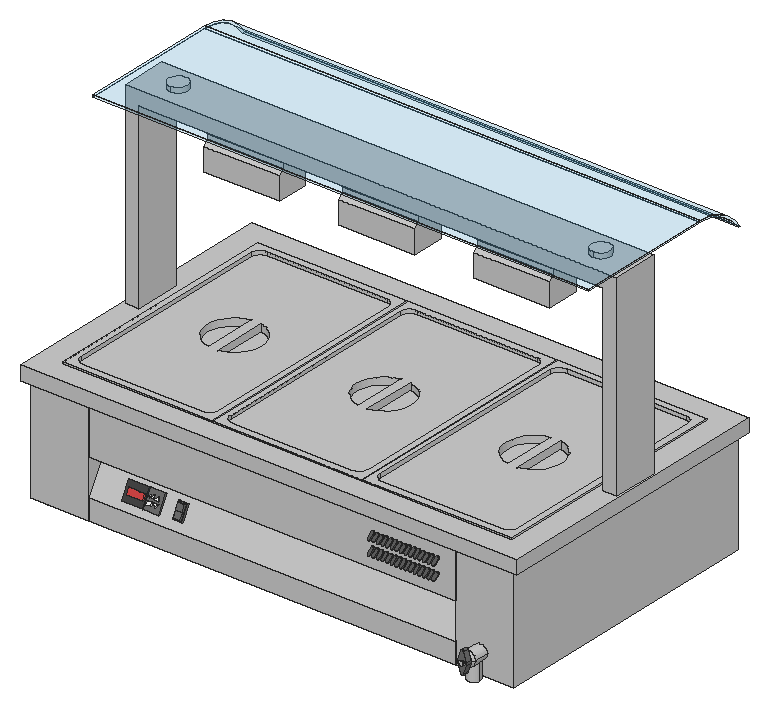
Revit family "QF_INOMAK_MEV610_250604030100", category Specialty Equipment, Revit 2021
Family settings
  Round Connector Dimension = Use Diameter
  Part Type = Normal
  OmniClass Number = 23.40.40.14
  OmniClass Title = Food Service Equipment
  Work Plane-Based = No
  Always vertical = Yes
  Cut with Voids When Loaded = No
  Shared = No
  Room Calculation Point = No
Parameters (values of type "MEV610")
  Weight [instance] = 38.00 kg
  Waste Water Discharge Temperature [instance] = 0 °C
  Waste Remarks [instance] = ""
  Warranty Start Date [instance] = ""
  Warranty Duration [instance] = ""
  Volts [instance] = 230 V
  Volt Free Conn [instance] = no
  URL Recommended Spares List [instance] = ""
  URL Manufacturer [instance] = ""
  URL Cutsheet [instance] = ""
  URL Critical Spares List [instance] = ""
  URL = "www.inomak.com"
  Technical Documentation [instance] = ""
  Tag Number [instance] = ""
  Status [instance] = ""
  Start Up Current [instance] = 0 A
  Specification by User [instance] = ""
  Specification by Manufacturer [instance] = ""
  Sound Level [instance] = ""
  Show Logo [instance] = yes
  Show Clearances [instance] = yes
  Service Life Duration [instance] = ""
  Serial Number [instance] = ""
  Seismic Rating [instance] = ""
  SMACNA No [instance] = ""
  Revision Code [instance] = ""
  Revision [instance] = ""
  Production Year [instance] = ""
  Potential Equalisation [instance] = no
  Point Load [instance] = 0
  Plumbing Connection Type [instance] = ""
  Phase [instance] = 1
  Other Equipment Approvals [instance] = ""
  Operational Current [instance] = 0 A
  Number of Poles [instance] = 2
  No Load Power Draw [instance] = no
  NAFEM Spec ID Number [instance] = ""
  Model Warning [instance] = ""
  Model = "MEV610"
  Min Ckt Ampacity [instance] = 0 A
  Max Overcurrent Protection [instance] = 16 A
  Masterspec [instance] = ""
  Manufacturer = "INOMAK"
  Main switch integrated [instance] = no
  Length Actual [instance] = 1078 mm
  Item Number [instance] = ""
  Installed By [instance] = ""
  Installation Date [instance] = ""
  Indirect Waste Size [instance] = 25.4 mm
  Indirect Waste Remarks [instance] = ""
  Indirect Waste Flow [instance] = 0.0 L/s
  Indirect Waste Connection Type [instance] = ""
  Indirect Waste Connection Height [instance] = 0 mm
  Identify Quantity as Lot [instance] = no
  ID [instance] = ""
  Hygiene Approval [instance] = ""
  Height Actual [instance] = 708 mm
  HP power [instance] = ""
  Furnished By [instance] = ""
  Foodservice Equipment Identifier [instance] = no
  FL Amps [instance] = 10.4 A
  Electrical Remarks [instance] = ""
  Electric power [instance] = 2390 W
  Electric Connection Type [instance] = ""
  Elec Conn RI Height [instance] = 0 mm
  Elec Conn Connection Height [instance] = 0 mm
  ETL Approved [instance] = no
  Direct Waste Water Discharge Temperature [instance] = -273.15 °C
  Direct Waste Size [instance] = 25.4 mm
  Direct Waste RI Height [instance] = 0 mm
  Direct Waste Flow [instance] = 0.0 L/s
  Direct Waste Connection Height [instance] = 0 mm
  Description = "PORTABLE BAIN MARIE WITH 3 GN PANS CAPACITY AND SINGLE SNEEZE GUARD"
  Depth Actual [instance] = 629 mm
  Default Elevation = 0 mm
  Cycle [instance] = 50 Hz
  Cost = 0
  Connection to energy optimisation system [instance] = yes
  Conn Plug [instance] = ""
  Conn Conduit [instance] = no
  Centralized building control system with digital interface [instance] = ""
  CSI MasterFormat [instance] = ""
  CE Approved [instance] = no
  Barcode [instance] = 0
  Author [instance] = ""
  Asset Identifier [instance] = ""
  Apparent Power [instance] = 2390 VA
  Accessory [instance] = no
Reference planes
  plane 1 "Center (Front/Back)": y = 0
  plane 2: z = 0
  plane 3 "Center (Left/Right)": x = 0
Forms (mm)
  Extrusion 1, solid, not visible
    sketch origin (995.049, -600.029, 12.001) x (1, 0, 0) y (0, 1, 0)
      loop
        line (-2, 2) -> (-2, -2) -> (2, -2) -> (2, 2) -> (-2, 2)
    from -2 to 2
  Extrusion 2, solid, not visible
    sketch origin (80.004, -600.029, 12.001) x (1, 0, 0) y (0, 1, 0)
      loop
        line (-2, 2) -> (-2, -2) -> (2, -2) -> (2, 2) -> (-2, 2)
    from -2 to 2
Dimensions and locks
  locked: nested 2 to Extrusion 1 at 2  (x2)
  locked: nested 3 to Extrusion 2 at 2  (x2)
  aligned and locked: level to plane 2
Nested families
  nested 1: "QF_INOMAK_PORTABLE_BAIN_MARIES_1080_2920" at (0, 0, 0), type "MEV610"
    with Weight 38.00 kg, Warranty Start Date "", Warranty Duration "", URL Cutsheet "", Technical Documentation "", Tag Number "", Status "", Specification by User "", Specification by Manufacturer "", Sound Level "", Solid Fuel Type "", Show Logo yes, Show Clearances yes, Service Life Duration "", Serial Number "", Seismic Rating "", SMACNA No "", Revision Code "", Revision "", Production Year "", Point Load 0, Other Equipment Approvals "", NAFEM Spec ID Number "", Model Warning "", Masterspec "", Length Actual 1078 mm, Item Number "", Installed By "", Installation Date "", Identify Quantity as Lot yes, ID "", Hygiene Approval "", Height Actual 708 mm, Furnished By "", Foodservice Equipment Identifier yes, ETL Approved yes, Depth Actual 629 mm, CSI MasterFormat "", CE Approved yes, Barcode "", Author "", Asset Identifier "", Accessory no
  nested 2: "CONN_POINT_DRAIN_2D___Generic_Annotation" at (995.049, -600.029, 10), type "CONN_POINT_DRAIN_2D___Generic_Annotation"
    with Onboard connection annotation symbol visibility yes
  nested 3: "CONN_POINT_ELE_2D___Generic_Annotation" at (80.004, -600.029, 10), type "CONN_POINT_ELE_2D___Generic_Annotation"
    with Onboard connection annotation symbol visibility yes
  nested 4: "QF_INOMAK_HEAT_WORKTOPS_HTSS_1080_4720" at (0, 0, 268), type "HTSS-1080-630"
    with Weight 0.00 kg, Warranty Start Date "", Warranty Duration "", URL Cutsheet "", Technical Documentation "", Tag Number "", Status "", Specification by User "", Specification by Manufacturer "", Sound Level "", Solid Fuel Type "", Show Logo yes, Show Clearances yes, Service Life Duration "", Serial Number "", Seismic Rating "", SMACNA No "", Revision Code "", Revision "", Production Year "", Point Load 0, Other Equipment Approvals "", NAFEM Spec ID Number "", Model Warning "", Masterspec "", Length Actual 1078 mm, Item Number "", Installed By "", Installation Date "", Identify Quantity as Lot yes, ID "", Hygiene Approval "", Height Actual 440 mm, Furnished By "", Foodservice Equipment Identifier yes, ETL Approved yes, Depth Actual 629 mm, CSI MasterFormat "", CE Approved yes, Barcode "", Author "", Asset Identifier "", Accessory yes
Connectors
  piping at (995.049, -600.029, 10), diameter 25.4, driven by "Indirect Waste Size", driven by "Direct Waste Flow"
    settings: on Extrusion 1, index 1, connector inside diameter 609.6 mm, connector length 0 mm, flow factor 0, pipe flow 0.0 L/s, pressure drop 0.0 Pa, fitting loss kfactor 0, connector angle 0.00°, fixture units 0, engagement length 0 mm, angle of deflection 0.00°, flow configuration 1, flow direction 2, fitting loss method 0, system type 16, joint type 0, gender type 0, connector reference index -1, connector utility 0, adjustable connector no, is connector primary yes, connector description "Waste connection for MEV610"
  electrical at (80.004, -600.029, 10), driven by "Apparent Power", driven by "Number of Poles", driven by "Volts"
    settings: on Extrusion 2, index 2, voltage 230 V, apparent load 0 VA, apparent load phase1 2390 VA, apparent load phase2 0 VA, apparent load phase3 0 VA, power factor 1, load classification "Other", number of poles 2, system type 31, power factor state 1, is connector primary yes, connector utility no, sub classification motor no, connector description "Electrical connection for MEV610"
Definition of nested family "QF_INOMAK_PORTABLE_BAIN_MARIES_1080_2920"
  Parameters (values of type "MBSQ610")
    Weight [instance] = 0.00 kg
    Warranty Start Date [instance] = ""
    Warranty Duration [instance] = ""
    URL Cutsheet [instance] = ""
    URL = "www.inomak.com"
    Technical Documentation [instance] = ""
    Tag Number [instance] = ""
    Status [instance] = ""
    Specification by User [instance] = ""
    Specification by Manufacturer [instance] = ""
    Sound Level [instance] = ""
    Solid Fuel Type [instance] = ""
    Show Logo [instance] = yes
    Show Clearances [instance] = yes
    Service Life Duration [instance] = ""
    Serial Number [instance] = ""
    Seismic Rating [instance] = ""
    SMACNA No [instance] = ""
    Revision Code [instance] = ""
    Revision [instance] = ""
    Production Year [instance] = ""
    Point Load [instance] = 0
    Other Equipment Approvals [instance] = ""
    NAFEM Spec ID Number [instance] = ""
    Model Warning [instance] = ""
    Model = "MBSQ610"
    Masterspec [instance] = ""
    Manufacturer = "INOMAK"
    Length Actual [instance] = 0 mm
    Item Number [instance] = ""
    Installed By [instance] = ""
    Installation Date [instance] = ""
    Identify Quantity as Lot [instance] = yes
    ID [instance] = ""
    Hygiene Approval [instance] = ""
    Height Actual [instance] = 0 mm
    Furnished By [instance] = ""
    Foodservice Equipment Identifier [instance] = yes
    ETL Approved [instance] = yes
    Description = "PORTABLE BAIN MARIE WITH 3 GN PANS CAPACITY AND SQUARE SHOWCASE"
    Depth Actual [instance] = 0 mm
    Default Elevation = 0 mm
    CSI MasterFormat [instance] = ""
    CE Approved [instance] = yes
    Barcode [instance] = ""
    Author [instance] = ""
    Asset Identifier [instance] = ""
    Assembly Code = "E1090320"
    Accessory [instance] = yes
  Types (5, lengths in mm): name | Model | Description
    MBV610 | "MBV610" | "PORTABLE BAIN MARIE WITH 3 GN PANS CAPACITY AND SHOWCASE"
    MAV610 | "MAV610" | "PORTABLE BAIN MARIE WITH 3 GN PANS CAPACITY"
    MEV610 | "MEV610" | "PORTABLE BAIN MARIE WITH 3 GN PANS CAPACITY AND SINGLE SNEEZE GUARD"
    MSV610 | "MSV610" | "PORTABLE BAIN MARIE WITH 3 GN PANS CAPACITY AND DOUBLE SNEEZE GUARD"
    MBSQ610 | "MBSQ610" | "PORTABLE BAIN MARIE WITH 3 GN PANS CAPACITY AND SQUARE SHOWCASE"
  Reference planes
    plane 1 "Back": y = 0
    plane 2: z = 0
    plane 3 "Left": x = 0
    plane 4 "Right": x = 1078
    plane 5 "Front": y = -629
    plane 6 "Top": z = 268
  Forms (mm)
    Extrusion 1, solid
      sketch origin (233.428, -636, -16.393) x (-1, 0, 0) y (0, 0, 1)
        loop
          arc (-522.253, 222.665) -> (-526.351, 223.763) -> (-527.449, 219.665) r 3
          line (-527.449, 219.665) -> (-518.449, 204.077)
          arc (-518.449, 204.077) -> (-514.351, 202.979) -> (-513.253, 207.077) r 3
          line (-513.253, 207.077) -> (-522.253, 222.665)
        loop
          arc (-532.253, 222.665) -> (-536.351, 223.763) -> (-537.449, 219.665) r 3
          line (-537.449, 219.665) -> (-528.449, 204.077)
          arc (-528.449, 204.077) -> (-524.351, 202.979) -> (-523.253, 207.077) r 3
          line (-523.253, 207.077) -> (-532.253, 222.665)
        loop
          arc (-542.253, 222.665) -> (-546.351, 223.763) -> (-547.449, 219.665) r 3
          line (-547.449, 219.665) -> (-538.449, 204.077)
          arc (-538.449, 204.077) -> (-534.351, 202.979) -> (-533.253, 207.077) r 3
          line (-533.253, 207.077) -> (-542.253, 222.665)
        loop
          arc (-552.253, 222.665) -> (-556.351, 223.763) -> (-557.449, 219.665) r 3
          line (-557.449, 219.665) -> (-548.449, 204.077)
          arc (-548.449, 204.077) -> (-544.351, 202.979) -> (-543.253, 207.077) r 3
          line (-543.253, 207.077) -> (-552.253, 222.665)
        loop
          arc (-562.253, 222.665) -> (-566.351, 223.763) -> (-567.449, 219.665) r 3
          line (-567.449, 219.665) -> (-558.449, 204.077)
          arc (-558.449, 204.077) -> (-554.351, 202.979) -> (-553.253, 207.077) r 3
          line (-553.253, 207.077) -> (-562.253, 222.665)
        loop
          arc (-572.253, 222.665) -> (-576.351, 223.763) -> (-577.449, 219.665) r 3
          line (-577.449, 219.665) -> (-568.449, 204.077)
          arc (-568.449, 204.077) -> (-564.351, 202.979) -> (-563.253, 207.077) r 3
          line (-563.253, 207.077) -> (-572.253, 222.665)
        loop
          arc (-582.253, 222.665) -> (-586.351, 223.763) -> (-587.449, 219.665) r 3
          line (-587.449, 219.665) -> (-578.449, 204.077)
          arc (-578.449, 204.077) -> (-574.351, 202.979) -> (-573.253, 207.077) r 3
          line (-573.253, 207.077) -> (-582.253, 222.665)
        loop
          arc (-592.253, 222.665) -> (-596.351, 223.763) -> (-597.449, 219.665) r 3
          line (-597.449, 219.665) -> (-588.449, 204.077)
          arc (-588.449, 204.077) -> (-584.351, 202.979) -> (-583.253, 207.077) r 3
          line (-583.253, 207.077) -> (-592.253, 222.665)
        loop
          arc (-602.253, 222.665) -> (-606.351, 223.763) -> (-607.449, 219.665) r 3
          line (-607.449, 219.665) -> (-598.449, 204.077)
          arc (-598.449, 204.077) -> (-594.351, 202.979) -> (-593.253, 207.077) r 3
          line (-593.253, 207.077) -> (-602.253, 222.665)
        loop
          arc (-612.253, 222.665) -> (-616.351, 223.763) -> (-617.449, 219.665) r 3
          line (-617.449, 219.665) -> (-608.449, 204.077)
          arc (-608.449, 204.077) -> (-604.351, 202.979) -> (-603.253, 207.077) r 3
          line (-603.253, 207.077) -> (-612.253, 222.665)
        loop
          arc (-622.253, 222.665) -> (-626.351, 223.763) -> (-627.449, 219.665) r 3
          line (-627.449, 219.665) -> (-618.449, 204.077)
          arc (-618.449, 204.077) -> (-614.351, 202.979) -> (-613.253, 207.077) r 3
          line (-613.253, 207.077) -> (-622.253, 222.665)
        loop
          arc (-632.253, 222.665) -> (-636.351, 223.763) -> (-637.449, 219.665) r 3
          line (-637.449, 219.665) -> (-628.449, 204.077)
          arc (-628.449, 204.077) -> (-624.351, 202.979) -> (-623.253, 207.077) r 3
          line (-623.253, 207.077) -> (-632.253, 222.665)
        loop
          arc (-642.253, 222.665) -> (-646.351, 223.763) -> (-647.449, 219.665) r 3
          line (-647.449, 219.665) -> (-638.449, 204.077)
          arc (-638.449, 204.077) -> (-634.351, 202.979) -> (-633.253, 207.077) r 3
          line (-633.253, 207.077) -> (-642.253, 222.665)
        loop
          arc (-652.253, 222.665) -> (-656.351, 223.763) -> (-657.449, 219.665) r 3
          line (-657.449, 219.665) -> (-648.449, 204.077)
          arc (-648.449, 204.077) -> (-644.351, 202.979) -> (-643.253, 207.077) r 3
          line (-643.253, 207.077) -> (-652.253, 222.665)
        loop
          arc (-662.253, 222.665) -> (-666.351, 223.763) -> (-667.449, 219.665) r 3
          line (-667.449, 219.665) -> (-658.449, 204.077)
          arc (-658.449, 204.077) -> (-654.351, 202.979) -> (-653.253, 207.077) r 3
          line (-653.253, 207.077) -> (-662.253, 222.665)
        loop
          arc (-522.253, 192.665) -> (-526.351, 193.763) -> (-527.449, 189.665) r 3
          line (-527.449, 189.665) -> (-518.449, 174.077)
          arc (-518.449, 174.077) -> (-514.351, 172.979) -> (-513.253, 177.077) r 3
          line (-513.253, 177.077) -> (-522.253, 192.665)
        loop
          arc (-532.253, 192.665) -> (-536.351, 193.763) -> (-537.449, 189.665) r 3
          line (-537.449, 189.665) -> (-528.449, 174.077)
          arc (-528.449, 174.077) -> (-524.351, 172.979) -> (-523.253, 177.077) r 3
          line (-523.253, 177.077) -> (-532.253, 192.665)
        loop
          arc (-542.253, 192.665) -> (-546.351, 193.763) -> (-547.449, 189.665) r 3
          line (-547.449, 189.665) -> (-538.449, 174.077)
          arc (-538.449, 174.077) -> (-534.351, 172.979) -> (-533.253, 177.077) r 3
          line (-533.253, 177.077) -> (-542.253, 192.665)
        loop
          arc (-552.253, 192.665) -> (-556.351, 193.763) -> (-557.449, 189.665) r 3
          line (-557.449, 189.665) -> (-548.449, 174.077)
          arc (-548.449, 174.077) -> (-544.351, 172.979) -> (-543.253, 177.077) r 3
          line (-543.253, 177.077) -> (-552.253, 192.665)
        loop
          arc (-562.253, 192.665) -> (-566.351, 193.763) -> (-567.449, 189.665) r 3
          line (-567.449, 189.665) -> (-558.449, 174.077)
          arc (-558.449, 174.077) -> (-554.351, 172.979) -> (-553.253, 177.077) r 3
          line (-553.253, 177.077) -> (-562.253, 192.665)
        loop
          arc (-572.253, 192.665) -> (-576.351, 193.763) -> (-577.449, 189.665) r 3
          line (-577.449, 189.665) -> (-568.449, 174.077)
          arc (-568.449, 174.077) -> (-564.351, 172.979) -> (-563.253, 177.077) r 3
          line (-563.253, 177.077) -> (-572.253, 192.665)
        loop
          arc (-582.253, 192.665) -> (-586.351, 193.763) -> (-587.449, 189.665) r 3
          line (-587.449, 189.665) -> (-578.449, 174.077)
          arc (-578.449, 174.077) -> (-574.351, 172.979) -> (-573.253, 177.077) r 3
          line (-573.253, 177.077) -> (-582.253, 192.665)
        loop
          arc (-592.253, 192.665) -> (-596.351, 193.763) -> (-597.449, 189.665) r 3
          line (-597.449, 189.665) -> (-588.449, 174.077)
          arc (-588.449, 174.077) -> (-584.351, 172.979) -> (-583.253, 177.077) r 3
          line (-583.253, 177.077) -> (-592.253, 192.665)
        loop
          arc (-602.253, 192.665) -> (-606.351, 193.763) -> (-607.449, 189.665) r 3
          line (-607.449, 189.665) -> (-598.449, 174.077)
          arc (-598.449, 174.077) -> (-594.351, 172.979) -> (-593.253, 177.077) r 3
          line (-593.253, 177.077) -> (-602.253, 192.665)
        loop
          arc (-612.253, 192.665) -> (-616.351, 193.763) -> (-617.449, 189.665) r 3
          line (-617.449, 189.665) -> (-608.449, 174.077)
          arc (-608.449, 174.077) -> (-604.351, 172.979) -> (-603.253, 177.077) r 3
          line (-603.253, 177.077) -> (-612.253, 192.665)
        loop
          arc (-622.253, 192.665) -> (-626.351, 193.763) -> (-627.449, 189.665) r 3
          line (-627.449, 189.665) -> (-618.449, 174.077)
          arc (-618.449, 174.077) -> (-614.351, 172.979) -> (-613.253, 177.077) r 3
          line (-613.253, 177.077) -> (-622.253, 192.665)
        loop
          arc (-632.253, 192.665) -> (-636.351, 193.763) -> (-637.449, 189.665) r 3
          line (-637.449, 189.665) -> (-628.449, 174.077)
          arc (-628.449, 174.077) -> (-624.351, 172.979) -> (-623.253, 177.077) r 3
          line (-623.253, 177.077) -> (-632.253, 192.665)
        loop
          arc (-642.253, 192.665) -> (-646.351, 193.763) -> (-647.449, 189.665) r 3
          line (-647.449, 189.665) -> (-638.449, 174.077)
          arc (-638.449, 174.077) -> (-634.351, 172.979) -> (-633.253, 177.077) r 3
          line (-633.253, 177.077) -> (-642.253, 192.665)
        loop
          arc (-652.253, 192.665) -> (-656.351, 193.763) -> (-657.449, 189.665) r 3
          line (-657.449, 189.665) -> (-648.449, 174.077)
          arc (-648.449, 174.077) -> (-644.351, 172.979) -> (-643.253, 177.077) r 3
          line (-643.253, 177.077) -> (-652.253, 192.665)
        loop
          arc (-662.253, 192.665) -> (-666.351, 193.763) -> (-667.449, 189.665) r 3
          line (-667.449, 189.665) -> (-658.449, 174.077)
          arc (-658.449, 174.077) -> (-654.351, 172.979) -> (-653.253, 177.077) r 3
          line (-653.253, 177.077) -> (-662.253, 192.665)
      from 16.5 to 18.5
    Extrusion 2, solid
      sketch origin (0, -641.208, 0) x (-1, 0, 0) y (0, 0, 1)
        loop
          line (-15, 10) -> (-15, 238) -> (-140, 238) -> (-140, 10) -> (-15, 10)
      from 22.208 to 631.208
    Extrusion 3, solid
      sketch origin (0, 0, 238) x (1, 0, 0) y (0, 1, 0)
        loop
          line (0, 0) -> (0, -629) -> (1078, -629) -> (1078, 0) -> (0, 0)
        loop
          line (51.5, -579) -> (1026.5, -579) -> (1026.5, -49) -> (51.5, -49) -> (51.5, -579)
      from 0 to 30
    Extrusion 4, solid
      sketch origin (1079, -641.208, 0) x (1, 0, 0) y (0, 0, -1)
        loop
          line (-15, -10) -> (-141, -10) -> (-141, -238) -> (-15, -238) -> (-15, -10)
      from 22.208 to 631.208
    Extrusion 5, solid
      sketch origin (-1, 0, 0) x (0, 1, 0) y (0, 0, 1)
        loop
          line (-619, 238) -> (-619, 133.92) -> (-579, 124.282) -> (-619, 55) -> (-619, 10) -> (-10, 10) -> (-10, 238) -> (-619, 238)
      from 141 to 939
    Revolve 6, solid
      sketch origin (0, -594, 0) x (-1, 0, 0) y (0, 0, 1)
        loop
          line (-27.5, 10) -> (-40, 10) -> (-40, 0) -> (-30, 0) -> (-27.5, 10)
        axis (-40, 0) -> (-40, 10)
      angle from 0 to 360
    Revolve 7, solid
      sketch origin (1078, -594, 0) x (1, 0, 0) y (0, 0, -1)
        loop
          line (-27.5, -10) -> (-30, 0) -> (-40, 0) -> (-40, -10) -> (-27.5, -10)
        axis (-40, 0) -> (-40, -10)
      angle from 0 to 360
    Extrusion 8, solid
      sketch origin (-1, -646.329, 9.665) x (-1, 0, 0) y (0, 0.5, 0.866025)
        loop
          line (-208.234, 108.408) -> (-253.234, 108.408) -> (-253.234, 68.408) -> (-208.234, 68.408) -> (-208.234, 108.408)
      from 0 to 2
    Extrusion 9, solid
      sketch origin (-612.766, -619.914, 59.417) x (-1, 0, 0) y (0, 0.5, 0.866025)
        loop
          line (-950, 15) -> (-930, 15) -> (-930, 50) -> (-950, 50) -> (-950, 15)
      from 0 to 3
    Extrusion 10, solid
      sketch origin (-584.766, -511.66, -3.083) x (0, 0.866025, -0.5) y (0, 0.5, 0.866025)
        loop
          line (-125, 18) -> (-125, 47)
          arc (-125, 47) -> (-127.961, 46.812) -> (-130.754, 45.81) r 10.576
          line (-130.754, 45.81) -> (-128, 32.5) -> (-128, 18) -> (-125, 18)
      from 905 to 919
    Extrusion 11, solid
      sketch origin (44, -646.329, 9.665) x (-1, 0, 0) y (0, 0.5, 0.866025)
        loop
          line (-208.234, 108.408) -> (-243.234, 108.408) -> (-243.234, 68.408) -> (-208.234, 68.408) -> (-208.234, 108.408)
      from 0 to 2
    Extrusion 12, solid
      sketch origin (-1, -646.762, 9.915) x (-1, 0, 0) y (0, 0.5, 0.866025)
        loop
          line (-213.234, 94.908) -> (-248.234, 94.908) -> (-248.234, 81.908) -> (-213.234, 81.908) -> (-213.234, 94.908)
      from 0 to 2.5
    Extrusion 13, solid
      sketch origin (-1, -646.762, 9.915) x (-1, 0, 0) y (0, 0.5, 0.866025)
        loop
          line (-271.558, 91.171) -> (-275.802, 98.522) -> (-280.047, 91.171) -> (-271.558, 91.171)
        loop
          line (-271.558, 85.645) -> (-280.047, 85.645) -> (-275.802, 78.294) -> (-271.558, 85.645)
        loop
          line (-257.397, 85.645) -> (-267.397, 85.645) -> (-267.397, 78.294) -> (-257.397, 78.294) -> (-257.397, 85.645)
        loop
          line (-265.397, 98.522) -> (-267.397, 98.522) -> (-267.397, 92.322) -> (-259.549, 92.322) -> (-259.549, 91.171) -> (-257.397, 93.322) -> (-259.549, 95.474) -> (-259.549, 94.322) -> (-265.397, 94.322) -> (-265.397, 98.522)
      from 0 to 2.5
    Revolve 14, solid
      sketch origin (0, -25, 0) x (-1, 0, 0) y (0, 0, -1)
        loop
          line (-27.5, -10) -> (-30, 0) -> (-40, 0) -> (-40, -10) -> (-27.5, -10)
        axis (-40, 0) -> (-40, -10)
      angle from 0 to 360
    Revolve 15, solid
      sketch origin (1078, -25, 0) x (1, 0, 0) y (0, 0, 1)
        loop
          line (-27.5, 10) -> (-40, 10) -> (-40, 0) -> (-30, 0) -> (-27.5, 10)
        axis (-40, 0) -> (-40, 10)
      angle from 0 to 360
    Extrusion 16, solid
      sketch origin (319, 4.125, 0) x (1, 0, 0) y (0, 1, 0)
        loop
          circle (672.38, -640.973) r 13
        loop
          circle (672.38, -640.973) r 11
      from 10 to 55
    Revolve 17, solid
      sketch origin (319, 1, 55) x (1, 0, 0) y (0, 1, 0)
        loop
          line (657.38, -620) -> (657.38, -651.68) -> (662.497, -655.973) -> (672.497, -655.973) -> (672.497, -620) -> (657.38, -620)
        axis (672.497, -655.973) -> (672.497, -620)
      angle from 0 to 360
    Extrusion 18, solid
      sketch origin (319, -629, 0) x (-1, 0, 0) y (0, 0, 1)
        loop
          circle (-672.38, 55) r 5
      from -41.78 to -25.973
    Extrusion 19, solid
      sketch origin (319, -629, 0) x (-1, 0, 0) y (0, 0, 1)
        loop
          arc (-682.087, 57.836) -> (-682.497, 55) -> (-682.087, 52.164) r 10
          line (-682.087, 52.164) -> (-676.619, 33.676)
          arc (-676.619, 33.676) -> (-672.497, 30.597) -> (-668.376, 33.676) r 4.298
          line (-668.376, 33.676) -> (-662.908, 52.164)
          arc (-662.908, 52.164) -> (-662.497, 55) -> (-662.908, 57.836) r 10
          line (-662.908, 57.836) -> (-668.376, 76.324)
          arc (-668.376, 76.324) -> (-672.497, 79.403) -> (-676.619, 76.324) r 4.298
          line (-676.619, 76.324) -> (-682.087, 57.836)
      from -39.243 to -29.243
    Extrusion 20, solid
      sketch origin (-3.5, 1, 0) x (1, 0, 0) y (0, 1, 0)
        loop
          line (55, -50) -> (55, -580) -> (380, -580) -> (380, -50) -> (55, -50)
        loop
          arc (87.5, -65) -> (73.358, -70.858) -> (67.5, -85) r 20
          line (67.5, -85) -> (67.5, -545.415)
          arc (67.5, -545.415) -> (73.358, -559.557) -> (87.5, -565.415) r 20
          line (87.5, -565.415) -> (347.5, -565.415)
          arc (347.5, -565.415) -> (361.642, -559.557) -> (367.5, -545.415) r 20
          line (367.5, -545.415) -> (367.5, -85)
          arc (367.5, -85) -> (361.642, -70.858) -> (347.5, -65) r 20
          line (347.5, -65) -> (87.5, -65)
      from 238 to 270
    Extrusion 21, solid
      sketch origin (-3.5, 1, -7) x (1, 0, 0) y (0, 1, 0)
        loop
          arc (67.5, -545.415) -> (73.358, -559.557) -> (87.5, -565.415) r 20
          line (87.5, -565.415) -> (347.5, -565.415)
          arc (347.5, -565.415) -> (361.642, -559.557) -> (367.5, -545.415) r 20
          line (367.5, -545.415) -> (367.5, -85)
          arc (367.5, -85) -> (361.642, -70.858) -> (347.5, -65) r 20
          line (347.5, -65) -> (87.5, -65)
          arc (87.5, -65) -> (73.358, -70.858) -> (67.5, -85) r 20
          line (67.5, -85) -> (67.5, -545.415)
      from 245 to 270
    Extrusion 22, void
      sketch origin (-3.5, 1, 8) x (1, 0, 0) y (0, 1, 0)
        loop
          arc (207.5, -256.046) -> (157.5, -315.207) -> (207.5, -374.368) r 60
          line (207.5, -374.368) -> (207.5, -256.046)
        loop
          line (227.5, -256.046) -> (227.5, -374.368)
          arc (227.5, -374.368) -> (277.5, -315.207) -> (227.5, -256.046) r 60
      from 240 to 270
    Extrusion 23, solid
      sketch origin (321.5, 1, 0) x (1, 0, 0) y (0, 1, 0)
        loop
          line (55, -50) -> (55, -580) -> (380, -580) -> (380, -50) -> (55, -50)
        loop
          arc (87.5, -65) -> (73.358, -70.858) -> (67.5, -85) r 20
          line (67.5, -85) -> (67.5, -545.415)
          arc (67.5, -545.415) -> (73.358, -559.557) -> (87.5, -565.415) r 20
          line (87.5, -565.415) -> (347.5, -565.415)
          arc (347.5, -565.415) -> (361.642, -559.557) -> (367.5, -545.415) r 20
          line (367.5, -545.415) -> (367.5, -85)
          arc (367.5, -85) -> (361.642, -70.858) -> (347.5, -65) r 20
          line (347.5, -65) -> (87.5, -65)
      from 238 to 270
    Extrusion 24, solid
      sketch origin (321.5, 1, -7) x (1, 0, 0) y (0, 1, 0)
        loop
          arc (67.5, -545.415) -> (73.358, -559.557) -> (87.5, -565.415) r 20
          line (87.5, -565.415) -> (347.5, -565.415)
          arc (347.5, -565.415) -> (361.642, -559.557) -> (367.5, -545.415) r 20
          line (367.5, -545.415) -> (367.5, -85)
          arc (367.5, -85) -> (361.642, -70.858) -> (347.5, -65) r 20
          line (347.5, -65) -> (87.5, -65)
          arc (87.5, -65) -> (73.358, -70.858) -> (67.5, -85) r 20
          line (67.5, -85) -> (67.5, -545.415)
      from 245 to 270
    Extrusion 25, void
      sketch origin (321.5, 1, 8) x (1, 0, 0) y (0, 1, 0)
        loop
          arc (207.5, -256.046) -> (157.5, -315.207) -> (207.5, -374.368) r 60
          line (207.5, -374.368) -> (207.5, -256.046)
        loop
          line (227.5, -256.046) -> (227.5, -374.368)
          arc (227.5, -374.368) -> (277.5, -315.207) -> (227.5, -256.046) r 60
      from 240 to 270
    Extrusion 26, solid
      sketch origin (646.5, 1, 0) x (1, 0, 0) y (0, 1, 0)
        loop
          line (55, -50) -> (55, -580) -> (380, -580) -> (380, -50) -> (55, -50)
        loop
          arc (87.5, -65) -> (73.358, -70.858) -> (67.5, -85) r 20
          line (67.5, -85) -> (67.5, -545.415)
          arc (67.5, -545.415) -> (73.358, -559.557) -> (87.5, -565.415) r 20
          line (87.5, -565.415) -> (347.5, -565.415)
          arc (347.5, -565.415) -> (361.642, -559.557) -> (367.5, -545.415) r 20
          line (367.5, -545.415) -> (367.5, -85)
          arc (367.5, -85) -> (361.642, -70.858) -> (347.5, -65) r 20
          line (347.5, -65) -> (87.5, -65)
      from 238 to 270
    Extrusion 27, solid
      sketch origin (646.5, 1, -7) x (1, 0, 0) y (0, 1, 0)
        loop
          arc (67.5, -545.415) -> (73.358, -559.557) -> (87.5, -565.415) r 20
          line (87.5, -565.415) -> (347.5, -565.415)
          arc (347.5, -565.415) -> (361.642, -559.557) -> (367.5, -545.415) r 20
          line (367.5, -545.415) -> (367.5, -85)
          arc (367.5, -85) -> (361.642, -70.858) -> (347.5, -65) r 20
          line (347.5, -65) -> (87.5, -65)
          arc (87.5, -65) -> (73.358, -70.858) -> (67.5, -85) r 20
          line (67.5, -85) -> (67.5, -545.415)
      from 245 to 270
    Extrusion 28, void
      sketch origin (646.5, 1, 8) x (1, 0, 0) y (0, 1, 0)
        loop
          arc (207.5, -256.046) -> (157.5, -315.207) -> (207.5, -374.368) r 60
          line (207.5, -374.368) -> (207.5, -256.046)
        loop
          line (227.5, -256.046) -> (227.5, -374.368)
          arc (227.5, -374.368) -> (277.5, -315.207) -> (227.5, -256.046) r 60
      from 240 to 270
  Cuts and joins
    Extrusion 22, Extrusion 25 cuts Extrusion 21
    Extrusion 25, Extrusion 28 cuts Extrusion 24
    Extrusion 28 cuts Extrusion 27
  Lines and regions (mm)
    symbolic lines
      curve 1: line (0, 0, 0) -> (1078, 0, 0)
      curve 2: line (0, -629, 0) -> (0, 0, 0)
      curve 3: line (1078, -629, 0) -> (0, -629, 0)
      curve 4: line (1078, 0, 0) -> (1078, -629, 0)
      curve 5: line (51.5, -49, 0) -> (1026.5, -49, 0)
      curve 6: line (51.5, -579, 0) -> (51.5, -49, 0)
      curve 7: line (1026.5, -579, 0) -> (51.5, -579, 0)
      curve 8: line (701.5, -49, 0) -> (701.5, -579, 0)
      curve 9: line (376.5, -49, 0) -> (376.5, -579, 0)
      curve 10: line (1026.5, -49, 0) -> (1026.5, -579, 0)
      curve 11: line (84, -64, 0) -> (344, -64, 0)
      curve 12: arc (344, -64, 0) -> (358.142, -69.858, 0) -> (364, -84, 0) r 20
      curve 13: line (364, -84, 0) -> (364, -544.415, 0)
      curve 14: arc (364, -544.415, 0) -> (358.142, -558.557, 0) -> (344, -564.415, 0) r 20
      curve 15: line (344, -564.415, 0) -> (84, -564.415, 0)
      curve 16: arc (84, -564.415, 0) -> (69.858, -558.557, 0) -> (64, -544.415, 0) r 20
      curve 17: line (64, -544.415, 0) -> (64, -84, 0)
      curve 18: arc (64, -84, 0) -> (69.858, -69.858, 0) -> (84, -64, 0) r 20
      curve 19: arc (204, -255.046, 0) -> (154, -314.207, 0) -> (204, -373.368, 0) r 60
      curve 20: line (204, -373.368, 0) -> (204, -255.046, 0)
      curve 21: line (224, -255.046, 0) -> (224, -373.368, 0)
      curve 22: arc (224, -373.368, 0) -> (274, -314.207, 0) -> (224, -255.046, 0) r 60
      curve 23: line (389, -544.415, 0) -> (389, -84, 0)
      curve 24: arc (389, -84, 0) -> (394.858, -69.858, 0) -> (409, -64, 0) r 20
      curve 25: line (409, -64, 0) -> (669, -64, 0)
      curve 26: arc (669, -64, 0) -> (683.142, -69.858, 0) -> (689, -84, 0) r 20
      curve 27: line (689, -84, 0) -> (689, -544.415, 0)
      curve 28: arc (689, -544.415, 0) -> (683.142, -558.557, 0) -> (669, -564.415, 0) r 20
      curve 29: line (669, -564.415, 0) -> (409, -564.415, 0)
      curve 30: arc (409, -564.415, 0) -> (394.858, -558.557, 0) -> (389, -544.415, 0) r 20
      curve 31: arc (529, -255.046, 0) -> (479, -314.207, 0) -> (529, -373.368, 0) r 60
      curve 32: line (529, -373.368, 0) -> (529, -255.046, 0)
      curve 33: line (549, -255.046, 0) -> (549, -373.368, 0)
      curve 34: arc (549, -373.368, 0) -> (599, -314.207, 0) -> (549, -255.046, 0) r 60
      curve 35: arc (854, -255.046, 0) -> (804, -314.207, 0) -> (854, -373.368, 0) r 60
      curve 36: line (854, -373.368, 0) -> (854, -255.046, 0)
      curve 37: line (874, -255.046, 0) -> (874, -373.368, 0)
      curve 38: arc (874, -373.368, 0) -> (924, -314.207, 0) -> (874, -255.046, 0) r 60
      curve 39: line (714, -544.415, 0) -> (714, -84, 0)
      curve 40: arc (714, -84, 0) -> (719.858, -69.858, 0) -> (734, -64, 0) r 20
      curve 41: line (734, -64, 0) -> (994, -64, 0)
      curve 42: arc (994, -64, 0) -> (1008.142, -69.858, 0) -> (1014, -84, 0) r 20
      curve 43: line (1014, -84, 0) -> (1014, -544.415, 0)
      curve 44: arc (1014, -544.415, 0) -> (1008.142, -558.557, 0) -> (994, -564.415, 0) r 20
      curve 45: line (994, -564.415, 0) -> (734, -564.415, 0)
      curve 46: arc (734, -564.415, 0) -> (719.858, -558.557, 0) -> (714, -544.415, 0) r 20
  Dimensions and locks
    plane 3 "Left" to plane 4 "Right" = 1078 mm
    plane 5 "Front" to plane 1 "Back" = 629 mm
    plane 6 "Top" to plane 2 = 268 mm
    aligned and locked: level to plane 2
Definition of nested family "QF_INOMAK_HEAT_WORKTOPS_HTSS_1080_4720"
  Parameters (values of type "HTSS-1080-630")
    Weight [instance] = 0.00 kg
    Warranty Start Date [instance] = ""
    Warranty Duration [instance] = ""
    URL Cutsheet [instance] = ""
    URL = "www.inomak.com"
    Technical Documentation [instance] = ""
    Tag Number [instance] = ""
    Status [instance] = ""
    Specification by User [instance] = ""
    Specification by Manufacturer [instance] = ""
    Sound Level [instance] = ""
    Solid Fuel Type [instance] = ""
    Show Logo [instance] = yes
    Show Clearances [instance] = yes
    Service Life Duration [instance] = ""
    Serial Number [instance] = ""
    Seismic Rating [instance] = ""
    SMACNA No [instance] = ""
    Revision Code [instance] = ""
    Revision [instance] = ""
    Production Year [instance] = ""
    Point Load [instance] = 0
    Other Equipment Approvals [instance] = ""
    NAFEM Spec ID Number [instance] = ""
    Model Warning [instance] = ""
    Model = "HTSS"
    Masterspec [instance] = ""
    Manufacturer = "INOMAK"
    Length Actual [instance] = 0 mm
    Item Number [instance] = ""
    Installed By [instance] = ""
    Installation Date [instance] = ""
    Identify Quantity as Lot [instance] = yes
    ID [instance] = ""
    Hygiene Approval [instance] = ""
    Height Actual [instance] = 0 mm
    Furnished By [instance] = ""
    Foodservice Equipment Identifier [instance] = yes
    ETL Approved [instance] = yes
    Description = "SINGLE SNEEZE GUARD"
    Depth Actual [instance] = 0 mm
    Default Elevation = 0 mm
    CSI MasterFormat [instance] = ""
    CE Approved [instance] = yes
    Barcode [instance] = ""
    Author [instance] = ""
    Asset Identifier [instance] = ""
    Assembly Code = "E1090320"
    Accessory [instance] = yes
  Reference planes
    plane 1 "Back": y = 0
    plane 2: z = 0
    plane 3 "Left": x = 0
    plane 4 "Right": x = 1078
    plane 5 "Front": y = -629
    plane 6 "Top": z = 440
  Forms (mm)
    Extrusion 1, solid
      sketch origin (1080, 0, -833) x (0, -1, 0) y (0, 0, 1)
        loop
          line (20, 1213.94) -> (25.993, 1213.94)
          arc (25.993, 1213.94) -> (70.349, 1253.652) -> (128.129, 1268) r 123.514
          line (128.129, 1268) -> (432.8, 1268) -> (432.8, 1273) -> (128.129, 1273)
          arc (128.129, 1273) -> (66.526, 1257.273) -> (20, 1213.94) r 128.514
      from 2 to 1080
    Extrusion 2, solid
      sketch origin (0, -695.221, -833) x (-1, 0, 0) y (0, 0, 1)
        loop
          line (-5, 833) -> (-5, 1258) -> (-1073, 1258) -> (-1073, 833) -> (-1043, 833) -> (-1043, 1228) -> (-35, 1228) -> (-35, 833) -> (-5, 833)
      from 345.221 to 445.221
    Extrusion 3, solid
      sketch origin (0, 1874.578, 40) x (0, 1, 0) y (-1, 0, 0)
        loop
          circle (-2174.578, -80) r 20
      from 385 to 395
    Extrusion 4, solid
      sketch origin (-2, 1874.578, 40) x (0, 1, 0) y (-1, 0, 0)
        loop
          circle (-2174.578, -1000) r 20
      from 385 to 395
    Extrusion 5, solid
      sketch origin (152.75, 0, 0) x (0, 1, 0) y (0, 0, 1)
        loop
          line (-265, 395) -> (-335, 395) -> (-335, 385) -> (-324.393, 374.393) -> (-275.607, 374.393) -> (-265, 385) -> (-265, 395)
      from 10 to 175
    Extrusion 6, solid
      sketch origin (162.75, 0, 0) x (0, 1, 0) y (0, 0, 1)
        loop
          line (-275.607, 374.393) -> (-324.393, 374.393) -> (-324.393, 364.393) -> (-335, 353.787) -> (-335, 305) -> (-265, 305) -> (-265, 353.787) -> (-275.607, 364.393) -> (-275.607, 374.393)
      from 0 to 5
    Extrusion 7, solid
      sketch origin (167.75, 0, 0) x (0, 1, 0) y (0, 0, 1)
        loop
          line (-275.607, 374.393) -> (-324.393, 374.393) -> (-324.393, 364.393) -> (-335, 353.787) -> (-335, 305) -> (-330, 305) -> (-330, 348.787) -> (-270, 348.787) -> (-270, 305) -> (-265, 305) -> (-265, 353.787) -> (-275.607, 364.393) -> (-275.607, 374.393)
      from 0 to 155
    Extrusion 8, solid
      sketch origin (322.75, 0, 0) x (0, 1, 0) y (0, 0, 1)
        loop
          line (-275.607, 374.393) -> (-324.393, 374.393) -> (-324.393, 364.393) -> (-335, 353.787) -> (-335, 305) -> (-265, 305) -> (-265, 353.787) -> (-275.607, 364.393) -> (-275.607, 374.393)
      from 0 to 5
    Extrusion 9, solid
      sketch origin (446.5, 0, 0) x (0, 1, 0) y (0, 0, 1)
        loop
          line (-265, 395) -> (-335, 395) -> (-335, 385) -> (-324.393, 374.393) -> (-275.607, 374.393) -> (-265, 385) -> (-265, 395)
      from 10 to 175
    Extrusion 10, solid
      sketch origin (456.5, 0, 0) x (0, 1, 0) y (0, 0, 1)
        loop
          line (-275.607, 374.393) -> (-324.393, 374.393) -> (-324.393, 364.393) -> (-335, 353.787) -> (-335, 305) -> (-265, 305) -> (-265, 353.787) -> (-275.607, 364.393) -> (-275.607, 374.393)
      from 0 to 5
    Extrusion 11, solid
      sketch origin (461.5, 0, 0) x (0, 1, 0) y (0, 0, 1)
        loop
          line (-275.607, 374.393) -> (-324.393, 374.393) -> (-324.393, 364.393) -> (-335, 353.787) -> (-335, 305) -> (-330, 305) -> (-330, 348.787) -> (-270, 348.787) -> (-270, 305) -> (-265, 305) -> (-265, 353.787) -> (-275.607, 364.393) -> (-275.607, 374.393)
      from 0 to 155
    Extrusion 12, solid
      sketch origin (616.5, 0, 0) x (0, 1, 0) y (0, 0, 1)
        loop
          line (-275.607, 374.393) -> (-324.393, 374.393) -> (-324.393, 364.393) -> (-335, 353.787) -> (-335, 305) -> (-265, 305) -> (-265, 353.787) -> (-275.607, 364.393) -> (-275.607, 374.393)
      from 0 to 5
    Extrusion 13, solid
      sketch origin (925.25, 0, 0) x (0, 1, 0) y (0, 0, -1)
        loop
          line (-265, -395) -> (-265, -385) -> (-275.607, -374.393) -> (-324.393, -374.393) -> (-335, -385) -> (-335, -395) -> (-265, -395)
      from 10 to 175
    Extrusion 14, solid
      sketch origin (915.25, 0, 0) x (0, 1, 0) y (0, 0, -1)
        loop
          line (-275.607, -374.393) -> (-275.607, -364.393) -> (-265, -353.787) -> (-265, -305) -> (-335, -305) -> (-335, -353.787) -> (-324.393, -364.393) -> (-324.393, -374.393) -> (-275.607, -374.393)
      from 0 to 5
    Extrusion 15, solid
      sketch origin (910.25, 0, 0) x (0, 1, 0) y (0, 0, -1)
        loop
          line (-275.607, -374.393) -> (-275.607, -364.393) -> (-265, -353.787) -> (-265, -305) -> (-270, -305) -> (-270, -348.787) -> (-330, -348.787) -> (-330, -305) -> (-335, -305) -> (-335, -353.787) -> (-324.393, -364.393) -> (-324.393, -374.393) -> (-275.607, -374.393)
      from 0 to 155
    Extrusion 16, solid
      sketch origin (755.25, 0, 0) x (0, 1, 0) y (0, 0, -1)
        loop
          line (-275.607, -374.393) -> (-275.607, -364.393) -> (-265, -353.787) -> (-265, -305) -> (-335, -305) -> (-335, -353.787) -> (-324.393, -364.393) -> (-324.393, -374.393) -> (-275.607, -374.393)
      from 0 to 5
  Cuts and joins
    joined: Extrusion 6, Extrusion 7, Extrusion 8
    joined: Extrusion 10, Extrusion 11, Extrusion 12
    joined: Extrusion 14, Extrusion 15, Extrusion 16
  Lines and regions (mm)
    Masking region 1
      outline origin (0, 0, 0) x (1, 0, 0) y (0, 1, 0)
        loop
          line (0, -20) -> (0, -432.8) -> (1078, -432.8) -> (1078, -20) -> (0, -20)
    symbolic lines
      curve 1: line (0, -20, 0) -> (1078, -20, 0)
      curve 2: line (0, -432.8, 0) -> (0, -20, 0)
      curve 3: line (1078, -432.8, 0) -> (0, -432.8, 0)
      curve 4: line (1078, -20, 0) -> (1078, -432.8, 0)
  Dimensions and locks
    plane 3 "Left" to plane 4 "Right" = 1078 mm
    plane 5 "Front" to plane 1 "Back" = 629 mm
    plane 6 "Top" to plane 2 = 440 mm
    aligned and locked: level to plane 2
Definition of nested family "CONN_POINT_DRAIN_2D___Generic_Annotation"
  Parameters (values of type "CONN_POINT_DRAIN_2D___Generic_Annotation")
    Onboard connection annotation symbol visibility [instance] = yes
  Reference planes
    plane 1: y = 0
    plane 2: x = 0
  Lines and regions (mm)
    detail lines, visible <- "Onboard connection annotation symbol visibility"
      curve 1: circle (0, 0, 0) r 0.5 normal (0, 0, 1)
      curve 2: line (-1, 0, 0) -> (1, 0, 0)
      curve 3: line (0, 1, 0) -> (0, -1, 0)
      curve 4: line (1.776, 1, 0) -> (1.25, 1, 0)
      curve 5: line (1.25, 1, 0) -> (1.25, -1, 0)
      curve 6: line (1.25, -1, 0) -> (1.776, -1, 0)
      curve 7: arc (2.206, -0.862, 0) -> (2.459, -0.589, 0) -> (2.583, -0.238, 0) r 0.918
      curve 8: arc (2.583, 0.238, 0) -> (2.459, 0.589, 0) -> (2.206, 0.862, 0) r 0.918
      curve 9: arc (2.583, -0.238, 0) -> (2.599, 0, 0) -> (2.583, 0.238, 0) r 1.77
      curve 10: arc (2.206, 0.862, 0) -> (2.002, 0.965, 0) -> (1.776, 1, 0) r 0.741
      curve 11: arc (1.776, -1, 0) -> (2.002, -0.965, 0) -> (2.206, -0.862, 0) r 0.741
Definition of nested family "CONN_POINT_ELE_2D___Generic_Annotation"
  Parameters (values of type "CONN_POINT_ELE_2D___Generic_Annotation")
    Onboard connection annotation symbol visibility [instance] = yes
  Reference planes
    plane 1: y = 0
    plane 2: x = 0
  Lines and regions (mm)
    detail lines, visible <- "Onboard connection annotation symbol visibility"
      curve 1: circle (0, 0, 0) r 0.5 normal (0, 0, 1)
      curve 2: line (-1, 0, 0) -> (1, 0, 0)
      curve 3: line (0, 1, 0) -> (0, -1, 0)
      curve 4: line (2.5, 1, 0) -> (1.25, 1, 0)
      curve 5: line (1.25, 1, 0) -> (1.25, -1, 0)
      curve 6: line (1.25, -1, 0) -> (2.5, -1, 0)
      curve 7: line (1.25, 0, 0) -> (2, 0, 0)
